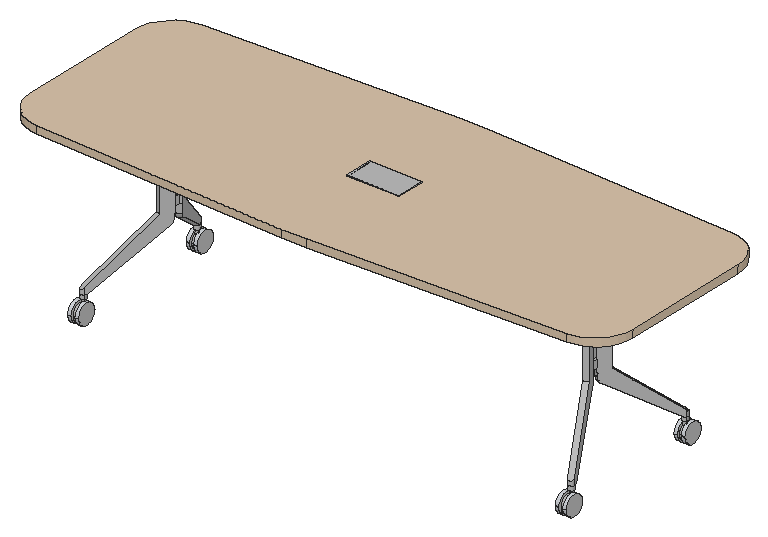
Revit family "Haworth_Planes_CollaborativeTable_Hexagon", category Furniture Systems, Revit 2018
Family settings
  Round Connector Dimension = Use Diameter
  Part Type = Normal
  OmniClass Number = 23.40.70.14.64.21
  OmniClass Title = Systems Furniture
  Work Plane-Based = No
  Always vertical = Yes
  Cut with Voids When Loaded = No
  Shared = No
  Room Calculation Point = No
Parameters (values of type "96w 36d")
  Width = 96"
  Warranty = "http://www.haworth.com/resources/product-info/warranties"
  URL - Product = "http://www.haworth.com/products/tables/collaborative/planes"
  Table Finish [instance] = Haworth _ Laminate _ Maple H-AE
  Table Edge Finish [instance] = Haworth _ Laminate _ Maple H-AE
  Sustainability Info = "https://www.haworth.com/company-info/sustainability"
  Stretcher Width = Actual Width - ([Support Spacing - From Edge] * 2)  # 66"
  Opening Single Wide = no
  Opening Single = not(Opening Single Wide)  # yes
  Knife Edge = not(Edgeband)  # no
  Flip Top Width = Cutout Width + 5/16"  # 8 5/16"
  Flip Top Finish = Haworth _ Paint _ Metallic Champagne
  Flip Top Depth = Cutout Depth + 7/16"  # 4 7/16"
  Edgeband = yes
  Depth = 36"
  Custom 36 = not(and(and(Depth = 36"), or(Width = 60", Width = 66", Width = 72", Width = 78", Width = 84", Width = 90", Width = 96")))  # no
  Model = "TARX"  # constant formula
  Leg Finish [instance] = Haworth _ Paint _ Metallic Champagne
  Glides = not(Casters)  # no
  Flip Top = yes
  Description = "Haworth - Planes Collaborative Table - Hexagon"  # constant formula
  Cutout Width = if(Opening Single Wide, 11", 8")  # 8"
  Cutout Depth = 4"  # constant formula
  Cutout = yes
  URL = "www.haworth.com"
  Table Thickness = 1 3/16"  # constant formula
  Support Spacing - From Edge = 15"  # constant formula
  Size = "Verify Final Dim. w/ Haworth"  # constant formula
  Revision Number = "5"  # constant formula
  Min/Max Width = "60-96 in. @ 6 in. increments"  # constant formula
  Min/Max Depth = "30 or 36 in."  # constant formula
  Min. Width = 60"  # constant formula
  Max. Width = if(Actual Depth < 36", 72", 96")  # 96"
  Min. Depth = 30"  # constant formula
  Max. Depth = 36"  # constant formula
  Manufacturer = "Haworth"  # constant formula
  Leg Height = Actual Height - Table Thickness  # 27 13/16"
  Custom Size = and(Custom 30, Custom 36)  # no
  Custom 30 = not(and(and(Depth = 30"), or(Width = 60", Width = 66", Width = 72")))  # yes
  Casters = yes
  Caster Finish = Haworth _ Paint _ Metallic Champagne
  Author = "Haworth (Alias), SHAPE Environments, LLC"  # constant formula
  Assembly Code = "E2020200"
  Actual Width = if(Width < Min. Width, Min. Width, if(Width > Max. Width, Max. Width, Width))  # 96"
  Actual Height = 29"  # constant formula
  Actual Depth = if(Depth > Max. Depth, Max. Depth, if(Depth < Min. Depth, Min. Depth, Depth))  # 36"
Reference planes (in)
  plane 1 "Center F/B": y = 0
  plane 2: z = 0
  plane 3 "Center L/R": x = 0
  plane 4 "Table Edge Left": x = -48
  plane 5 "Table Edge Right": x = 48
  plane 6 "Table Edge Front": y = 18
  plane 7 "Table Edge Back": y = -18
  plane 8 "Table Leg Left": x = -33
  plane 9 "Table Leg Right": x = 33
  plane 10 "Top": z = 29
Dimensions and locks (in)
  "Support Spacing - From Edge": plane 4 "Table Edge Left" to plane 8 "Table Leg Left"
  "Support Spacing - From Edge": plane 9 "Table Leg Right" to plane 5 "Table Edge Right"
  "Actual Width": plane 4 "Table Edge Left" to plane 5 "Table Edge Right"
  equal spacing: plane 4 "Table Edge Left", plane 3 "Center L/R", plane 5 "Table Edge Right"
  "Actual Depth": plane 6 "Table Edge Front" to plane 7 "Table Edge Back"
  equal spacing: plane 6 "Table Edge Front", plane 1 "Center F/B", plane 7 "Table Edge Back"
  "Actual Height": plane 10 "Top" to level
  aligned: plane 9 "Table Leg Right" to nested 2
  aligned: plane 8 "Table Leg Left" to nested 1
  aligned and locked: plane 8 "Table Leg Left" to nested 1
  aligned and locked: plane 9 "Table Leg Right" to nested 2
  aligned and locked: plane 2 to nested 3
  aligned and locked: plane 1 "Center F/B" to nested 3
  aligned and locked: plane 3 "Center L/R" to nested 3
  aligned and locked: nested 3 to nested 4  (x2)
  aligned and locked: nested 5 to plane 1 "Center F/B"
  aligned and locked: plane 3 "Center L/R" to nested 5
  aligned and locked: plane 2 to nested 5
  aligned and locked: nested 2 to plane 2
  aligned and locked: plane 2 to nested 1
  aligned and locked: nested 2 to plane 1 "Center F/B"
  aligned and locked: plane 1 "Center F/B" to nested 1
  aligned and locked: plane 10 "Top" to nested 4
Nested families (in)
  nested 1: "Haworth_Leg-Y_Part" at (-33, 0, 0), type "Leg"
  nested 2: "Haworth_Leg-Y_Part" at (33, 0, 0) x (-1, 0, 0) z (0, 0, 1), type "Leg"
  nested 3: "Haworth_Planes_Collaborative_Worksurface_Hexagon_Part" at (0, -15, 0), type "Worksurface"
    with Knife Edge no, Actual Width 96", Actual Depth 36"
  nested 4: "Haworth_Worksurface_FlipTop_Unit_Part" at (-0.57037, -0.05249, 29), visible <- "Flip Top", type "Single Sided"
    with Actual Width 8 5/16", Actual Depth 4 7/16"
  nested 5: "Haworth_Planes_CollaborativeTable_Stretcher_Part" at (0, -3.19283, 0), type "Stretcher"
    with Actual Width 66"
Definition of nested family "Haworth_Leg-Y_Part"
  Parameters (values of type "Leg")
    Leg Height = 27 13/16"
    Leg Finish = none
    Glides = no
    Casters = yes
    Caster Finish = none
    Assembly Code = ""
  Reference planes (in)
    plane 1 "Center (Front/Back)": y = 0
    plane 2 "Bottom": z = 0
    plane 3 "Center (Left/Right)": x = 0
    plane 4 "Top of Leg": z = 27.8125
    plane 5 "Y Leg Stand": x = -5.875
    plane 6 "Left Y Leg": through (-0.17621, 0.60996, 48) normal (-0.8829, -0.4695, 0)
    plane 7 "Left Post": x = -0.5625
    plane 8 "Left Support": y = 11.32793
    plane 9: through (-0.17621, -0.60996, 48) normal (0.8829, -0.4695, 0)
    plane 10: y = -11.32793
  Forms (in)
    Extrusion 1, solid, material <- "Leg Finish"
      sketch origin (-0.51599, 0, 0) x (1, 0, 0) y (0, 0, 1)
        loop
          line (0.28125, 13.625) -> (0.28125, 14.875) -> (-0.04651, 14.875) -> (-0.04651, 13.625) -> (0.28125, 13.625)
      from -1 to 1
    Extrusion 2, solid, material <- "Leg Finish"
      sketch origin (-0.17621, 0.60996, 48) x (0.469468, -0.88295, 0) y (0, 0, -1)
        loop
          line (-2, 34.75027) -> (-2, 20.1875) -> (0, 20.1875) -> (0, 34.38219) -> (-0.09992, 35.81107)
          arc (-0.09992, 35.81107) -> (-0.23667, 36.25861) -> (-0.55568, 36.601) r 1.04081
          line (-0.55568, 36.601) -> (-11.7751, 43.96035) -> (-12.64299, 43.96035) -> (-12.64299, 43.40736) -> (-2, 34.75027)
      from -0.4375 to 0.4375
    Extrusion 3, void
      sketch origin (0.73566, 0.86334, 0) x (0.88295, 0.469468, 0) y (-0.469468, 0.88295, 0)
        loop
          arc (-1.36158, 12.3432) -> (-0.92408, 12.7807) -> (-0.48658, 12.3432) r 0.4375
          line (-0.48658, 12.3432) -> (-0.31134, 12.3432) -> (-0.31134, 12.89092) -> (-1.53683, 12.89092) -> (-1.53683, 12.3432) -> (-1.36158, 12.3432)
      from 3.22588 to 5.51592
    Revolve 4, solid, material <- "Leg Finish", visible <- "Glides"
      sketch origin (-5.88448, -0.04176, 0) x (-0.000803, -1, 0) y (0, 0, 1)
        loop
          line (-11.36969, 3.4375) -> (-11.36969, 0) -> (-10.36969, 0) -> (-10.36969, 0.1875) -> (-10.93219, 0.1875) -> (-10.93219, 3.4375) -> (-11.36969, 3.4375)
        axis (-11.36969, 3.4375) -> (-11.36969, 0)
      angle from 0 to 360
    Extrusion 5, solid, material <- "Leg Finish"
      sketch origin (0.73566, 0.86334, 0) x (0.88295, 0.469468, 0) y (-0.469468, 0.88295, 0)
        loop
          circle (-0.92408, 12.3432) r 0.4375
      from 3.4375 to 4.03965
    Extrusion 6, solid, material <- "Leg Finish"
      sketch origin (-0.17621, -0.60996, 48) x (0.469468, 0.88295, 0) y (0, 0, 1)
        loop
          line (-2, -34.75027) -> (-12.64299, -43.40736) -> (-12.64299, -43.96035) -> (-11.7751, -43.96035) -> (-0.55568, -36.601)
          arc (-0.55568, -36.601) -> (-0.23667, -36.25861) -> (-0.09992, -35.81107) r 1.04081
          line (-0.09992, -35.81107) -> (0, -34.38219) -> (0, -20.1875) -> (-2, -20.1875) -> (-2, -34.75027)
      from -0.4375 to 0.4375
    Extrusion 7, void
      sketch origin (0.73566, -0.86334, 0) x (0.88295, -0.469468, 0) y (0.469468, 0.88295, 0)
        loop
          line (-1.36158, -12.3432) -> (-1.53683, -12.3432) -> (-1.53683, -12.89092) -> (-0.31134, -12.89092) -> (-0.31134, -12.3432) -> (-0.48658, -12.3432)
          arc (-0.48658, -12.3432) -> (-0.92408, -12.7807) -> (-1.36158, -12.3432) r 0.4375
      from 3.22588 to 5.51592
    Revolve 8, solid, material <- "Leg Finish", visible <- "Glides"
      sketch origin (-5.88378, 0.04176, 0) x (-0.000803, 1, 0) y (0, 0, -1)
        loop
          line (-11.36969, -3.4375) -> (-10.93219, -3.4375) -> (-10.93219, -0.1875) -> (-10.36969, -0.1875) -> (-10.36969, 0) -> (-11.36969, 0) -> (-11.36969, -3.4375)
        axis (-11.36969, -3.4375) -> (-11.36969, 0)
      angle from 0 to 360
    Extrusion 9, solid, material <- "Leg Finish"
      sketch origin (0.73566, -0.86334, 0) x (0.88295, -0.469468, 0) y (0.469468, 0.88295, 0)
        loop
          circle (-0.92408, -12.3432) r 0.4375
      from 3.4375 to 4.03965
  Cuts and joins
    Extrusion 3, Extrusion 7 cuts Extrusion 1
    Extrusion 3, Extrusion 7 cuts Extrusion 2
    Extrusion 7 cuts Extrusion 5
    Extrusion 7 cuts Extrusion 6
    Extrusion 7 cuts Extrusion 9
    joined: Extrusion 1, Extrusion 2, Extrusion 5, Extrusion 6, Extrusion 9
    Extrusion 7 cuts Revolve 4
    Extrusion 7 cuts Revolve 8
  Lines and regions (in)
    Masking region 1
      outline origin (0, 0, 0) x (1, 0, 0) y (0, 1, 0)
        loop
          line (0.21008, 0.81535) -> (-5.48871, 11.53332)
          arc (-5.48871, 11.53332) -> (-6.08039, 11.71422) -> (-6.26129, 11.12254) r 0.4375
          line (-6.26129, 11.12254) -> (-0.5625, 0.40456) -> (-0.5625, -0.40456) -> (-6.26129, -11.12254)
          arc (-6.26129, -11.12254) -> (-6.08039, -11.71422) -> (-5.48871, -11.53332) r 0.4375
          line (-5.48871, -11.53332) -> (0.21008, -0.81535) -> (-0.23474, -0.57883) -> (-0.23474, 0.57883) -> (0.21008, 0.81535)
    symbolic lines, visible <- "Glides"
      curve 1: circle (-5.875, -11.32793, 0) r 1 normal (0, 0, 1)
      curve 2: circle (-5.875, 11.32793, 0) r 1 normal (0, 0, 1)
  Dimensions and locks (in)
    "Leg Height": plane 4 "Top of Leg" to level
    plane 5 "Y Leg Stand" to plane 3 "Center (Left/Right)" = 5 7/8"
    locked: plane 7 "Left Post" to plane 3 "Center (Left/Right)" at 0.5625
  Automatic sketch dimensions
    plane 7 "Left Post" to Extrusion 1 sketch curve = 0"
    Extrusion 1 sketch curve to plane 3 "Center (Left/Right)" = 0.23474"
    level to Extrusion 1 sketch curve = 13 5/8"
    Extrusion 1 sketch curve to Extrusion 1 sketch curve = 1 1/4"
    plane 4 "Top of Leg" to Extrusion 2 sketch curve = 0"
    Extrusion 2 sketch curve to level = 4.59264"
    Extrusion 2 sketch curve to level = 4.03965"
    Extrusion 2 sketch curve to Extrusion 2 sketch curve = 0.86789"
    Extrusion 2 sketch curve to Extrusion 2 sketch curve = 10.64299"
    Extrusion 2 sketch curve to Extrusion 2 sketch curve = 0.86181"
    Extrusion 2 sketch curve to level = 11.399"
    Extrusion 2 sketch curve to Extrusion 2 sketch curve = 0.58251"
    Extrusion 2 sketch curve to level = 12.18893"
    Extrusion 2 sketch curve to Extrusion 2 sketch curve = 0.45577"
    Extrusion 2 sketch curve to Extrusion 2 sketch curve = 2"
    Extrusion 2 sketch curve to Extrusion 2 sketch curve = 0.98819"
    Extrusion 2 sketch curve to Extrusion 2 sketch curve = 1.42888"
    Extrusion 3 sketch curve to plane 5 "Y Leg Stand" = 0"
    Extrusion 3 sketch curve to plane 6 "Left Y Leg" = 0"
    Extrusion 3 sketch curve to plane 6 "Left Y Leg" = 7/16"
    Extrusion 3 sketch curve to Extrusion 3 sketch curve = 0.17524"  (x2)
    Extrusion 3 sketch curve to Extrusion 3 sketch curve = 0.54772"
    Revolve 4 sketch curve to level = 0"
    level to Revolve 4 sketch curve = 3.42885"
    Revolve 4 sketch curve to Revolve 4 sketch curve = 0"
    level to Revolve 4 sketch curve = 3/16"
    Revolve 4 sketch curve to Revolve 4 sketch curve = 7/16"
    Revolve 4 sketch curve to Revolve 4 sketch curve = 9/16"
    Revolve 4 sketch curve to level = 1.07115"
    Revolve 4 sketch curve to Revolve 4 sketch curve = 0.00865"
    Extrusion 5 sketch curve to plane 5 "Y Leg Stand" = 0"
    Extrusion 5 sketch curve to plane 6 "Left Y Leg" = 0"
    Extrusion 6 sketch curve to plane 4 "Top of Leg" = 0"
    level to Extrusion 6 sketch curve = 4.59264"
    level to Extrusion 6 sketch curve = 4.03965"
    Extrusion 6 sketch curve to Extrusion 6 sketch curve = 0.86789"
    Extrusion 6 sketch curve to Extrusion 6 sketch curve = 10.64299"
    Extrusion 6 sketch curve to Extrusion 6 sketch curve = 0.86181"
    level to Extrusion 6 sketch curve = 11.399"
    Extrusion 6 sketch curve to Extrusion 6 sketch curve = 0.58251"
    level to Extrusion 6 sketch curve = 12.18893"
    Extrusion 6 sketch curve to Extrusion 6 sketch curve = 0.45577"
    Extrusion 6 sketch curve to Extrusion 6 sketch curve = 2"
    Extrusion 6 sketch curve to Extrusion 6 sketch curve = 0.98819"
    Extrusion 6 sketch curve to Extrusion 6 sketch curve = 1.42888"
    Extrusion 7 sketch curve to plane 5 "Y Leg Stand" = 0"
    plane 9 to Extrusion 7 sketch curve = 0"
    plane 9 to Extrusion 7 sketch curve = 7/16"
    Extrusion 7 sketch curve to Extrusion 7 sketch curve = 0.17524"  (x2)
    Extrusion 7 sketch curve to Extrusion 7 sketch curve = 0.54772"
    Revolve 8 sketch curve to level = 0"
    level to Revolve 8 sketch curve = 3.42885"
    Revolve 8 sketch curve to Revolve 8 sketch curve = 0"
    level to Revolve 8 sketch curve = 3/16"
    Revolve 8 sketch curve to Revolve 8 sketch curve = 7/16"
    Revolve 8 sketch curve to Revolve 8 sketch curve = 9/16"
    Revolve 8 sketch curve to Revolve 8 sketch curve = 0.00865"
    Revolve 8 sketch curve to level = 1.07115"
    Extrusion 9 sketch curve to plane 5 "Y Leg Stand" = 0"
    plane 9 to Extrusion 9 sketch curve = 0"
    Masking region 1 sketch curve to plane 5 "Y Leg Stand" = 0"  (x2)
    Masking region 1 sketch curve to plane 7 "Left Post" = 0"
    plane 9 to Masking region 1 sketch curve = 0"
    Masking region 1 sketch curve to plane 6 "Left Y Leg" = 0"
    plane 5 "Y Leg Stand" to Masking region 1 sketch curve = 0.38629"  (x2)
    Masking region 1 sketch curve to plane 8 "Left Support" = 0.20539"
    plane 10 to Masking region 1 sketch curve = 0.20539"
    plane 8 "Left Support" to Masking region 1 sketch curve = 0.20539"
    plane 3 "Center (Left/Right)" to Masking region 1 sketch curve = 0.21008"  (x2)
    Masking region 1 sketch curve to plane 3 "Center (Left/Right)" = 0.23474"
    Masking region 1 sketch curve to Masking region 1 sketch curve = 0.17427"  (x2)
    Masking region 1 sketch curve to plane 5 "Y Leg Stand" = 0.38629"
    plane 1 "Center (Front/Back)" to Masking region 1 sketch curve = 0.81535"
    Masking region 1 sketch curve to plane 1 "Center (Front/Back)" = 0.40456"
    curve 2 to plane 5 "Y Leg Stand" = 0"
    curve 1 to plane 5 "Y Leg Stand" = 0"
    plane 9 to curve 1 = 0"
    curve 2 to plane 6 "Left Y Leg" = 0"
    radius of Extrusion 5 sketch curve = 7/16"
    radius of Extrusion 9 sketch curve = 7/16"
    radius of curve 1 = 1"
    radius of curve 2 = 1"
  Nested families (in)
    nested 1: "Haworth_3in Caster" at (-5.875, 11.32793, 0), visible <- "Casters", type "Haworth_3in Caster"
    nested 2: "Haworth_3in Caster" at (-5.875, -11.32793, 0), visible <- "Casters", type "Haworth_3in Caster"
  Definition of nested family "Haworth_3in Caster"
    Parameters (values of type "Haworth_3in Caster")
      Glides = yes
      Caster Finish = none
      Cart Leg Finish = none
      Assembly Code = ""
    Reference planes (in)
      plane 1 "Center (Front/Back)": y = 0
      plane 2: z = 0
      plane 3 "Center (Left/Right)": x = 0
    Forms (in)
      Extrusion 1, solid
        sketch origin (0, 0, -0.02118) x (0, 1, 0) y (0, 0, 1)
          loop
            circle (-0.48695, 1.58368) r 1.5625
        from 0.875 to 0.3125
      Extrusion 2, solid
        sketch origin (0, 0, -0.02118) x (0, 1, 0) y (0, 0, 1)
          loop
            circle (-0.48695, 1.58368) r 1.5625
        from -0.875 to -0.3125
      Extrusion 3, solid
        sketch origin (0, 0, 0) x (0, 1, 0) y (0, 0, 1)
          loop
            circle (-0.48695, 1.5625) r 1.3125
        from -0.3125 to 0.3125
      Extrusion 4, solid
        sketch origin (0, 0, 0) x (1, 0, 0) y (0, 1, 0)
          loop
            circle (0, 0) r 0.25
        from 2.4375 to 3.4375
    Cuts and joins
      joined: Extrusion 3, Extrusion 4
    Lines and regions (in)
      Masking region 1
        outline origin (0, 0, 0) x (1, 0, 0) y (0, 1, 0)
          loop
            line (-0.875, 1.07555) -> (-0.875, -2.04945) -> (-0.3125, -2.04945) -> (-0.3125, -1.79945) -> (0.3125, -1.79945) -> (0.3125, -2.04945) -> (0.875, -2.04945) -> (0.875, 1.07555) -> (0.3125, 1.07555) -> (0.3125, 0.82555) -> (-0.3125, 0.82555) -> (-0.3125, 1.07555) -> (-0.875, 1.07555)
      symbolic lines
        curve 1: circle (0, 0, 0) r 0.25 normal (0, 0, 1)
    Dimensions and locks (in)
      plane 3 "Center (Left/Right)" to Extrusion 2 = 5/16"
      Extrusion 1 to plane 3 "Center (Left/Right)" = 7/8"
Definition of nested family "Haworth_Planes_Collaborative_Worksurface_Hexagon_Part"
  Parameters (values of type "Worksurface")
    Warranty = ""
    URL - Product = ""
    URL = "www.haworth.com"
    Table Thickness = 1 3/16"  # constant formula
    Table Finish = none
    Table Edge Finish = none
    Revision Number = ""
    Note = "Verify Final Dim. w/ Haworth"  # constant formula
    Model = "Haworth Planes"  # constant formula
    Manufacturer = "Haworth"  # constant formula
    Knife Edge = yes
    Edgeband = yes
    Cutout Width = 8"
    Cutout Dimension = if(Cutout, 3", 1")  # 3"
    Cutout Depth = 4"
    Cutout = yes
    Author = "SHAPE Environments, LLC"  # constant formula
    Assembly Code = ""
    Actual Width = 60"
    Actual Height = 29"
    Actual Depth = 30"
  Reference planes (in)
    plane 1 "Center F/B": y = 15
    plane 2 "Bottom": z = 0
    plane 3 "Center L/R": x = 0
    plane 4 "Table Front": y = 30
    plane 5 "Table Right": x = 30
    plane 6 "Table Left": x = -30
    plane 7 "Table Back": y = 0
    plane 8 "Table Top": z = 29
    plane 9 "Table Bottom": z = 27.8125
    plane 10 "Cutout Top": z = 30
    plane 11 "Cutout Bottom": z = 27
    plane 12 "KnifeEdge Middle": z = 28.625
  Forms (in)
    Extrusion 1, solid, material <- "Table Finish", visible <- "Edgeband"
      sketch origin (0, 0, 0) x (1, 0, 0) y (0, 1, 0)
        loop
          line (-30, 22.45259) -> (-30, 7.54741)
          arc (-30, 7.54741) -> (-28.3202, 3.38377) -> (-24.22137, 1.55149) r 6
          line (-24.22137, 1.55149) -> (-1.99299, 0.06627)
          arc (-1.99299, 0.06627) -> (0, 0) -> (1.99299, 0.06627) r 30
          line (1.99299, 0.06627) -> (24.22137, 1.55149)
          arc (24.22137, 1.55149) -> (28.3202, 3.38377) -> (30, 7.54741) r 6
          line (30, 7.54741) -> (30, 22.45259)
          arc (30, 22.45259) -> (28.3202, 26.61623) -> (24.22137, 28.44851) r 6
          line (24.22137, 28.44851) -> (1.99299, 29.93373)
          arc (1.99299, 29.93373) -> (0, 30) -> (-1.99299, 29.93373) r 30
          line (-1.99299, 29.93373) -> (-24.22137, 28.44851)
          arc (-24.22137, 28.44851) -> (-28.3202, 26.61623) -> (-30, 22.45259) r 6
      from 27.8125 to 29
    Extrusion 2, void
      sketch origin (0, 0, 29) x (-1, 0, 0) y (0, -1, 0)
        loop
          line (4, -17) -> (4, -13) -> (-4, -13) -> (-4, -17) -> (4, -17)
      from -2 to 1
    Extrusion 3, solid, material <- "Table Finish", visible <- "Knife Edge"
      sketch origin (0, 0, 0) x (1, 0, 0) y (0, 1, 0)
        loop
          line (-30, 22.45259) -> (-30, 7.54741)
          arc (-30, 7.54741) -> (-28.3202, 3.38377) -> (-24.22137, 1.55149) r 6
          line (-24.22137, 1.55149) -> (-1.99299, 0.06627)
          arc (-1.99299, 0.06627) -> (0, 0) -> (1.99299, 0.06627) r 30
          line (1.99299, 0.06627) -> (24.22137, 1.55149)
          arc (24.22137, 1.55149) -> (28.3202, 3.38377) -> (30, 7.54741) r 6
          line (30, 7.54741) -> (30, 22.45259)
          arc (30, 22.45259) -> (28.3202, 26.61623) -> (24.22137, 28.44851) r 6
          line (24.22137, 28.44851) -> (1.99299, 29.93373)
          arc (1.99299, 29.93373) -> (0, 30) -> (-1.99299, 29.93373) r 30
          line (-1.99299, 29.93373) -> (-24.22137, 28.44851)
          arc (-24.22137, 28.44851) -> (-28.3202, 26.61623) -> (-30, 22.45259) r 6
      from 28.625 to 29
    Blend 4, solid, material <- "Table Finish", visible <- "Knife Edge"
      base sketch origin (0, 0, 0) x (1, 0, 0) y (0, 1, 0)
        loop
          line (-3.22295, 27.88695) -> (-24.29226, 26.44453)
          arc (-24.29226, 26.44453) -> (-26.92994, 25.17836) -> (-28, 22.45522) r 4
          line (-28, 22.45522) -> (-28, 7.54478)
          arc (-28, 7.54478) -> (-26.92994, 4.82164) -> (-24.29226, 3.55547) r 4
          line (-24.29226, 3.55547) -> (-3.22295, 2.11305)
          arc (-3.22295, 2.11305) -> (0, 1.92742) -> (3.22295, 2.11305) r 28.07258
          line (3.22295, 2.11305) -> (24.29226, 3.55547)
          arc (24.29226, 3.55547) -> (26.92994, 4.82164) -> (28, 7.54478) r 4
          line (28, 7.54478) -> (28, 22.45522)
          arc (28, 22.45522) -> (26.92994, 25.17836) -> (24.29226, 26.44453) r 4
          line (24.29226, 26.44453) -> (3.22295, 27.88695)
          arc (3.22295, 27.88695) -> (0, 28.07258) -> (-3.22295, 27.88695) r 28.07258
      top sketch origin (0, 0, 0) x (1, 0, 0) y (0, 1, 0)
        loop
          arc (30, 22.45522) -> (28.3813, 26.55451) -> (24.3986, 28.44196) r 6
          line (24.3986, 28.44196) -> (1.99299, 29.93373)
          arc (1.99299, 29.93373) -> (0, 30) -> (-1.99299, 29.93373) r 30
          line (-1.99299, 29.93373) -> (-24.3986, 28.44196)
          arc (-24.3986, 28.44196) -> (-28.3813, 26.55451) -> (-30, 22.45522) r 6
          line (-30, 22.45522) -> (-30, 7.54478)
          arc (-30, 7.54478) -> (-28.3813, 3.44549) -> (-24.3986, 1.55804) r 6
          line (-24.3986, 1.55804) -> (-1.99299, 0.06627)
          arc (-1.99299, 0.06627) -> (0, 0) -> (1.99299, 0.06627) r 30
          line (1.99299, 0.06627) -> (24.3986, 1.55804)
          arc (24.3986, 1.55804) -> (28.3813, 3.44549) -> (30, 7.54478) r 6
          line (30, 7.54478) -> (30, 22.45522)
      from 27.8125 to 28.625
  Cuts and joins
    Extrusion 2 cuts Extrusion 1
    Extrusion 2 cuts Extrusion 3
    Extrusion 2 cuts Blend 4
  Lines and regions (in)
    Masking region 1
      outline origin (0, 0, 0) x (1, 0, 0) y (0, 1, 0)
        loop
          line (-1.99299, 29.93373) -> (-24.3986, 28.44196)
          arc (-24.3986, 28.44196) -> (-28.3813, 26.55451) -> (-30, 22.45522) r 6
          line (-30, 22.45522) -> (-30, 7.54478)
          arc (-30, 7.54478) -> (-28.3813, 3.44549) -> (-24.3986, 1.55804) r 6
          line (-24.3986, 1.55804) -> (-1.99299, 0.06627)
          arc (-1.99299, 0.06627) -> (0, 0) -> (1.99299, 0.06627) r 30
          line (1.99299, 0.06627) -> (24.3986, 1.55804)
          arc (24.3986, 1.55804) -> (28.3813, 3.44549) -> (30, 7.54478) r 6
          line (30, 7.54478) -> (30, 22.45522)
          arc (30, 22.45522) -> (28.3813, 26.55451) -> (24.3986, 28.44196) r 6
          line (24.3986, 28.44196) -> (1.99299, 29.93373)
          arc (1.99299, 29.93373) -> (0, 30) -> (-1.99299, 29.93373) r 30
    symbolic lines, visible <- "Cutout"
      curve 1: line (4, 13, 0) -> (-4, 13, 0)
      curve 2: line (-4, 13, 0) -> (-4, 17, 0)
      curve 3: line (-4, 17, 0) -> (4, 17, 0)
      curve 4: line (4, 17, 0) -> (4, 13, 0)
    symbolic lines, visible <- "Knife Edge", detail levels medium+fine
      curve 5: arc (-28, 22.45522, 0) -> (-26.9169, 25.19232, 0) -> (-24.25414, 26.44714, 0) r 4
      curve 6: line (-24.25414, 26.44714, 0) -> (-3.22295, 27.88695, 0)
      curve 7: arc (-3.22295, 27.88695, 0) -> (0, 28.07258, 0) -> (3.22295, 27.88695, 0) r 28.07258
      curve 8: line (3.22295, 27.88695, 0) -> (24.25414, 26.44714, 0)
      curve 9: arc (24.25414, 26.44714, 0) -> (26.9169, 25.19232, 0) -> (28, 22.45522, 0) r 4
      curve 10: line (28, 22.45522, 0) -> (28, 7.54478, 0)
      curve 11: arc (28, 7.54478, 0) -> (26.9169, 4.80768, 0) -> (24.25414, 3.55286, 0) r 4
      curve 12: line (24.25414, 3.55286, 0) -> (3.22295, 2.11305, 0)
      curve 13: arc (3.22295, 2.11305, 0) -> (0, 1.92742, 0) -> (-3.22295, 2.11305, 0) r 28.07258
      curve 14: line (-3.22295, 2.11305, 0) -> (-24.25414, 3.55286, 0)
      curve 15: arc (-24.25414, 3.55286, 0) -> (-26.9169, 4.80768, 0) -> (-28, 7.54478, 0) r 4
      curve 16: line (-28, 7.54478, 0) -> (-28, 22.45522, 0)
  Dimensions and locks (in)
    "Actual Depth": plane 7 "Table Back" to plane 4 "Table Front"
    "Actual Width": plane 6 "Table Left" to plane 5 "Table Right"
    equal spacing: plane 6 "Table Left", plane 3 "Center L/R", plane 5 "Table Right"
    equal spacing: plane 4 "Table Front", plane 1 "Center F/B", plane 7 "Table Back"
    "Table Thickness": plane 8 "Table Top" to plane 9 "Table Bottom"
    "Actual Height": plane 8 "Table Top" to level
    equal spacing: Extrusion 2 sketch curve, plane 3 "Center L/R", Extrusion 2 sketch curve
    "Cutout Width": Extrusion 2 sketch curve to Extrusion 2 sketch curve
    equal spacing: Extrusion 2 sketch curve, plane 1 "Center F/B", Extrusion 2 sketch curve
    "Cutout Depth": Extrusion 2 sketch curve to Extrusion 2 sketch curve
    "Cutout Dimension": plane 10 "Cutout Top" to plane 11 "Cutout Bottom"
    locked: plane 10 "Cutout Top" to plane 8 "Table Top" at 1
    locked: plane 8 "Table Top" to plane 12 "KnifeEdge Middle" at 0.375
    "Actual Depth": plane 7 "Table Back" to Extrusion 1 sketch curve
    "Actual Depth": plane 4 "Table Front" to Extrusion 1 sketch curve
    "Actual Depth": plane 7 "Table Back" to Masking region 1 sketch curve
    "Actual Depth": plane 4 "Table Front" to Masking region 1 sketch curve
    "Actual Depth": plane 7 "Table Back" to Extrusion 3 sketch curve
    "Actual Depth": plane 4 "Table Front" to Extrusion 3 sketch curve
    locked: plane 6 "Table Left" to Blend 4 sketch curve at 2
    locked: Blend 4 sketch curve to plane 5 "Table Right" at 2
    "Actual Depth": plane 7 "Table Back" to Blend 4 sketch curve  (x2)
    "Actual Depth": plane 4 "Table Front" to Blend 4 sketch curve  (x2)
    aligned and locked: plane 8 "Table Top" to Extrusion 1
    aligned and locked: Extrusion 1 to plane 9 "Table Bottom"
    aligned and locked: Extrusion 1 sketch curve to plane 6 "Table Left"
    aligned and locked: Extrusion 1 sketch curve to plane 5 "Table Right"
    aligned and locked: Extrusion 2 to plane 11 "Cutout Bottom"
    aligned and locked: plane 10 "Cutout Top" to Extrusion 2
    aligned and locked: cut or joined group of Extrusion 1, Extrusion 2 to cut or joined group of Extrusion 1, Extrusion 2
    aligned and locked: Masking region 1 sketch curve to plane 6 "Table Left"
    aligned and locked: Masking region 1 sketch curve to plane 5 "Table Right"
    aligned and locked: plane 3 "Center L/R" to Masking region 1 sketch curve  (x2)
    aligned and locked: Extrusion 3 sketch curve to plane 5 "Table Right"
    aligned and locked: Extrusion 3 sketch curve to plane 6 "Table Left"
    aligned and locked: plane 8 "Table Top" to Extrusion 3
    aligned and locked: plane 12 "KnifeEdge Middle" to Extrusion 3
    aligned and locked: Blend 4 sketch curve to plane 6 "Table Left"
    aligned and locked: Blend 4 sketch curve to plane 5 "Table Right"
    aligned and locked: Blend 4 to plane 12 "KnifeEdge Middle"
    aligned and locked: Blend 4 to plane 9 "Table Bottom"
    aligned and locked: curve 5 to Blend 4
    aligned and locked: Blend 4 to curve 6
    aligned and locked: curve 7 to Blend 4
    aligned and locked: Blend 4 to curve 8
    aligned and locked: curve 9 to Blend 4
    aligned and locked: curve 11 to Blend 4
    aligned and locked: Blend 4 to curve 12
    aligned and locked: curve 13 to Blend 4
    aligned and locked: curve 14 to Blend 4
    aligned and locked: curve 15 to Blend 4
  Automatic sketch dimensions
    Extrusion 1 sketch curve to plane 3 "Center L/R" = 0"  (x2)
    Extrusion 1 sketch curve to plane 4 "Table Front" = 1.55149"  (x2)
    plane 6 "Table Left" to Extrusion 1 sketch curve = 5.77863"  (x2)
    Extrusion 1 sketch curve to plane 7 "Table Back" = 1.55149"  (x2)
    Extrusion 1 sketch curve to Extrusion 1 sketch curve = 0.22137"  (x2)
    Extrusion 1 sketch curve to plane 7 "Table Back" = 0.06627"  (x2)
    Extrusion 1 sketch curve to plane 3 "Center L/R" = 1.99299"  (x2)
    Extrusion 1 sketch curve to plane 4 "Table Front" = 0.06627"  (x2)
    Extrusion 1 sketch curve to Extrusion 1 sketch curve = 6"  (x2)
    plane 5 "Table Right" to Extrusion 1 sketch curve = 5.77863"  (x2)
    Masking region 1 sketch curve to plane 7 "Table Back" = 1.55804"  (x2)
    plane 6 "Table Left" to Masking region 1 sketch curve = 5.6014"  (x2)
    Masking region 1 sketch curve to plane 4 "Table Front" = 1.55804"  (x2)
    Masking region 1 sketch curve to Masking region 1 sketch curve = 6"  (x3)
    Masking region 1 sketch curve to Masking region 1 sketch curve = 0.3986"
    Masking region 1 sketch curve to plane 4 "Table Front" = 0.06627"  (x2)
    Masking region 1 sketch curve to plane 3 "Center L/R" = 1.99299"  (x2)
    Masking region 1 sketch curve to plane 7 "Table Back" = 0.06627"  (x2)
    plane 5 "Table Right" to Masking region 1 sketch curve = 5.6014"  (x2)
    Extrusion 3 sketch curve to plane 3 "Center L/R" = 0"  (x2)
    Extrusion 3 sketch curve to plane 4 "Table Front" = 1.55149"  (x2)
    plane 6 "Table Left" to Extrusion 3 sketch curve = 5.77863"  (x2)
    Extrusion 3 sketch curve to plane 7 "Table Back" = 1.55149"  (x2)
    Extrusion 3 sketch curve to Extrusion 3 sketch curve = 0.22137"  (x2)
    Extrusion 3 sketch curve to plane 7 "Table Back" = 0.06627"  (x2)
    Extrusion 3 sketch curve to plane 3 "Center L/R" = 1.99299"  (x2)
    Extrusion 3 sketch curve to plane 4 "Table Front" = 0.06627"  (x2)
    Extrusion 3 sketch curve to Extrusion 3 sketch curve = 6"  (x2)
    plane 5 "Table Right" to Extrusion 3 sketch curve = 5.77863"  (x2)
    plane 1 "Center F/B" to curve 1 = 2"
    curve 1 to plane 3 "Center L/R" = 4"
    plane 3 "Center L/R" to curve 4 = 4"
    curve 2 to plane 1 "Center F/B" = 2"
    Blend 4 sketch curve to plane 4 "Table Front" = 3.55547"  (x2)
    Blend 4 sketch curve to plane 7 "Table Back" = 3.55547"  (x2)
    Blend 4 sketch curve to plane 3 "Center L/R" = 0"  (x4)
    Blend 4 sketch curve to Blend 4 sketch curve = 3.70774"  (x2)
    Blend 4 sketch curve to Blend 4 sketch curve = 0.29226"  (x3)
    Blend 4 sketch curve to Blend 4 sketch curve = 4"  (x3)
    Blend 4 sketch curve to plane 3 "Center L/R" = 3.22295"  (x2)
    plane 3 "Center L/R" to Blend 4 sketch curve = 3.22295"  (x2)
    Blend 4 sketch curve to plane 4 "Table Front" = 2.11305"
    Blend 4 sketch curve to plane 7 "Table Back" = 2.11305"
    Blend 4 sketch curve to plane 7 "Table Back" = 1.55804"  (x2)
    plane 6 "Table Left" to Blend 4 sketch curve = 5.6014"  (x2)
    Blend 4 sketch curve to plane 4 "Table Front" = 1.55804"  (x2)
    Blend 4 sketch curve to Blend 4 sketch curve = 6"  (x4)
    Blend 4 sketch curve to plane 4 "Table Front" = 0.06627"  (x2)
    Blend 4 sketch curve to plane 3 "Center L/R" = 1.99299"  (x2)
    Blend 4 sketch curve to plane 7 "Table Back" = 0.06627"  (x2)
    plane 5 "Table Right" to Blend 4 sketch curve = 5.6014"  (x2)
Definition of nested family "Haworth_Worksurface_FlipTop_Unit_Part"
  Parameters (values of type "Single Sided")
    Warranty = "www.haworth.com/en-us/Products/Pages/Certifications.aspx"
    URL - Product = "www.haworth.com/en-us/Products/Furniture/Systems/Desking-Systems/Pages/Compose.aspx"
    URL = "www.haworth.com"
    Sustainability Info = "www.haworth.com/en-us/About-Us/Sustainability/Pages/Vision.aspx"
    Size = "Verify Final Dim. w/ Haworth"  # constant formula
    Revision Number = "2"  # constant formula
    Model = "Haworth_Worksurface-Flip_Top_Unit"  # constant formula
    Manufacturer = "Haworth"  # constant formula
    LEED Data = "www.haworth.com/_layouts/Haworth.ProductCatalog/Handlers/GetAsset.ashx/ComposeLEEDContributions.pdf?cid=27&rid=1824&type=Leed"
    Flip Top Finish = none
    Description = "Haworth Worksurface-Flip Top Unit - Part"
    Default Elevation = 48"
    Author = "SHAPE Environments, LLC"  # constant formula
    Assembly Code = "E2020200"
    Actual Width = 8 1/4"
    Actual Depth = 4 3/8"
  Reference planes (in)
    plane 1 "Center F/B": y = 0.05249
    plane 2: z = 0
    plane 3 "Center L/R": x = 0.57037
    plane 4 "Back": y = 2.23999
    plane 5 "Right": x = 4.69537
    plane 6 "Front": y = -2.13501
    plane 7 "Left": x = -3.55463
    plane 8 "Table Height": z = 0
  Forms (in)
    Extrusion 1, solid, material <- "Flip Top Finish"
      sketch origin (0, 0, 0) x (-1, 0, 0) y (0, -1, 0)
        loop
          line (3.55463, -2.23999) -> (3.55463, 2.13501) -> (-4.69537, 2.13501) -> (-4.69537, -2.23999) -> (3.55463, -2.23999)
      from 0 to 0.125
    Extrusion 2, solid, material <- "Flip Top Finish"
      sketch origin (0, 0, 0) x (-1, 0, 0) y (0, -1, 0)
        loop
          line (3.42963, -2.05249) -> (3.42963, 1.94751) -> (-4.57037, 1.94751) -> (-4.57037, -2.05249) -> (3.42963, -2.05249)
      from 0 to -2.75
  Cuts and joins
    joined: Extrusion 1, Extrusion 2
  Lines and regions (in)
    Masking region 1
      outline origin (0, 0, 0) x (1, 0, 0) y (0, 1, 0)
        loop
          line (-3.55463, 2.23999) -> (-3.55463, -2.13501) -> (4.69537, -2.13501) -> (4.69537, 2.23999) -> (-3.55463, 2.23999)
  Dimensions and locks (in)
    equal spacing: plane 7 "Left", plane 3 "Center L/R", plane 5 "Right"
    "Actual Width": plane 7 "Left" to plane 5 "Right"
    equal spacing: plane 6 "Front", plane 1 "Center F/B", plane 4 "Back"
    "Actual Depth": plane 4 "Back" to plane 6 "Front"
    plane 7 "Left" to Extrusion 2 sketch curve = 1/8"
    plane 4 "Back" to Extrusion 2 sketch curve = 3/16"
    Extrusion 2 sketch curve to plane 5 "Right" = 1/8"
    Extrusion 2 sketch curve to plane 6 "Front" = 3/16"
    locked: plane 8 "Table Height" to level
    aligned and locked: plane 7 "Left" to Extrusion 1 sketch curve
    aligned and locked: Extrusion 1 sketch curve to plane 4 "Back"
    aligned and locked: plane 6 "Front" to Extrusion 1 sketch curve
    aligned and locked: Extrusion 1 sketch curve to plane 5 "Right"
    aligned and locked: Masking region 1 sketch curve to cut or joined group of Extrusion 1, Extrusion 2  (x3)
    aligned and locked: cut or joined group of Extrusion 1, Extrusion 2 to Masking region 1 sketch curve
Definition of nested family "Haworth_Planes_CollaborativeTable_Stretcher_Part"
  Parameters (values of type "Stretcher")
    Warranty = "http://www.haworth.com/resources/product-info/warranties"
    URL - Product = "http://www.haworth.com/products/tables/training/planes"
    Type Comments = ""
    Sustainability Info = "http://media.haworth.com/asset/5175/Planes%20tables%20PEDS.pdf"
    Model = "Haworth Planes"  # constant formula
    Leg Finish = none
    Height = 26 245/256"  # constant formula
    Description = "Haworth - Planes Training - Table Stretcher"
    URL = "www.haworth.com"
    Size = "Verify Final Dim. w/ Haworth"  # constant formula
    Revision Number = "1"  # constant formula
    Manufacturer = "Haworth"  # constant formula
    Author = "Haworth (Alias)"  # constant formula
    Assembly Code = "E2020200"
    Actual Width = 46"
    Actual Depth = 4 119/128"  # constant formula
  Reference planes (in)
    plane 1 "Bottom": z = 0
    plane 2 "Center L/R": x = 0
    plane 3 "Left": x = -23
    plane 4 "Right": x = 23
    plane 5 "Center FB": y = 3.19283
    plane 6 "Back": y = 5.65767
    plane 7 "Front": y = 0.72799
  Forms (in)
    Extrusion 1, solid, material <- "Leg Finish"
      sketch origin (30, 0.35365, 0) x (0, 1, 0) y (0, 0, 1)
        loop
          line (0.37434, 26.95703) -> (0.37434, 25.33721)
          arc (0.37434, 25.33721) -> (0.44756, 25.16044) -> (0.62434, 25.08721) r 0.25
          line (0.62434, 25.08721) -> (5.05402, 25.08721)
          arc (5.05402, 25.08721) -> (5.2308, 25.16044) -> (5.30402, 25.33721) r 0.25
          line (5.30402, 25.33721) -> (5.30402, 26.95703) -> (0.37434, 26.95703)
      from -53 to -7
  Lines and regions (in)
    symbolic lines, detail levels medium+fine
      curve 1: line (-23, 0.72799, 29) -> (23, 0.72799, 29)
      curve 2: line (23, 5.65767, 29) -> (-23, 5.65767, 29)
  Dimensions and locks (in)
    "Actual Width": plane 3 "Left" to plane 4 "Right"
    equal spacing: plane 3 "Left", plane 2 "Center L/R", plane 4 "Right"
    equal spacing: plane 6 "Back", plane 5 "Center FB", plane 7 "Front"
    "Actual Depth": plane 6 "Back" to plane 7 "Front"
    "Height": Extrusion 1 sketch curve to plane 1 "Bottom"
    locked: Extrusion 1 sketch curve to Extrusion 1 sketch curve at 1.86982
    aligned and locked: plane 4 "Right" to Extrusion 1
    aligned and locked: Extrusion 1 to plane 3 "Left"
    aligned and locked: Extrusion 1 sketch curve to plane 7 "Front"
    aligned and locked: plane 6 "Back" to Extrusion 1 sketch curve
    aligned and locked: plane 7 "Front" to curve 1
    aligned and locked: plane 6 "Back" to curve 2
  Automatic sketch dimensions
    curve 1 to plane 4 "Right" = 0"
    curve 2 to plane 4 "Right" = 0"
    curve 2 to plane 3 "Left" = 0"
    curve 1 to plane 3 "Left" = 0"
    Extrusion 1 sketch curve to Extrusion 1 sketch curve = 1/4"
    Extrusion 1 sketch curve to plane 6 "Back" = 1/4"
